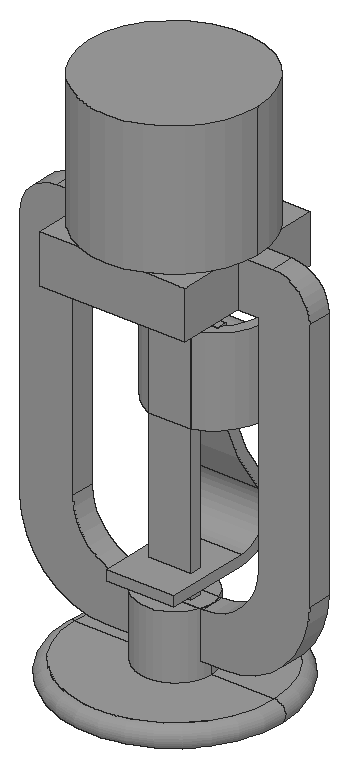
Revit family
Parameters (values of type "RASCO G PENDENT")
  Temperature Rating = 212 °F
  Response = (empty or 0)
  RASCO SIN # = "R1023"
  RASCO Part # = "GP27B"
  Pressure Rating = "175 PSI"
  Pressure Class = (empty or 0)
  Orifice Size = 7/16"
  Orifice = (empty or 0)
  Model = "G"
  Manufacturer = "RASCO"
  K-Factor = 4.24
  Description = "Bronze Finish"
  Coverage = (empty or 0)
Reference planes (in)
  plane 1 "Center (Front/Back)": y = 0
  plane 2: z = 0
  plane 3 "Center (Left/Right)": x = 0
Dimensions and locks (in)
  aligned and locked: plane 2 to level
Nested families (in)
  nested 1: "GP27B" at (-0.0055, 0.01634, 2.875) x (-1, 0, 0) z (0, 0, -1), type "RASCO G PENDENT"
Connectors (in)
  piping at (-0.0055, 0.01634, 2.875)
    settings: on nested 1, index 1, connector radius 0.45", flow factor 0, pipe flow 0 GPM, pressure drop 0.00 psi, fitting loss kfactor 0, connector angle 0.00°, fixture units 0, flow configuration 0, flow direction 0, fitting loss method 0, system type 7, connector reference index -1, connector utility 0, adjustable connector no, is connector primary yes, fitting loss table "", connector description ""
Definition of nested family "GP27B"
  Parameters (values of type "RASCO G PENDENT")
    Type Comments = ""
    Temperature Rating = 0 °F
    Response = (empty or 0)
    Pressure Rating = "0"
    Pressure Class = (empty or 0)
    Orifice Size = 0"
    Orifice = (empty or 0)
    Model = ""
    Manufacturer = ""
    K-Factor = 0
    Description = ""
    Coverage = (empty or 0)
    Assembly Code = ""
  Reference planes (in)
    plane 1 "Center (Front/Back)": y = 0
    plane 2: z = 0
    plane 3 "ref.2": z = 0.6875
    plane 4 "ref.3": z = 0.9375
    plane 5: x = -0.38065
    plane 6: x = 0.36935
    plane 7 "ref. side 1": y = 0.06402
    plane 8 "ref. side 2": y = -0.06098
    plane 9 "ref.4": z = 1.875
    plane 10 "ref.5": z = 2.875
    plane 11 "center": x = -0.00574
  Forms (in)
    Extrusion 1, solid, material "Default"
      sketch origin (0, 0, 0) x (1, 0, 0) y (0, 1, 0)
        loop
          circle (0, 0) r 0.438
      from 0 to 0.6875
    Extrusion 2, solid, material "Default"
      sketch origin (-0.12185, 0.05177, 0.6875) x (1, 0, 0) y (0, 1, 0)
        loop
          line (-0.2588, 0.356) -> (-0.2588, -0.4565) -> (0.4912, -0.4565) -> (0.4912, 0.356) -> (-0.2588, 0.356)
      from 0 to 0.25
    Extrusion 3, solid, material "Default"
      sketch origin (0, 0, 0) x (1, 0, 0) y (0, 0, 1)
        loop
          line (-0.49248, 0.9375) -> (-0.49248, 2.10276)
          arc (-0.49248, 2.10276) -> (-0.40724, 2.30855) -> (-0.20145, 2.39379) r 0.29103
          line (-0.20145, 2.39379) -> (0.18108, 2.39379)
          arc (0.18108, 2.39379) -> (0.38905, 2.30765) -> (0.47519, 2.09969) r 0.29411
          line (0.47519, 2.09969) -> (0.47519, 0.9375) -> (0.36935, 0.9375) -> (0.36935, 0.6875) -> (0.55741, 0.6875)
          arc (0.55741, 0.6875) -> (0.69165, 0.7431) -> (0.74725, 0.87734) r 0.18984
          line (0.74725, 0.87734) -> (0.74725, 2.19113)
          arc (0.74725, 2.19113) -> (0.61669, 2.50631) -> (0.3015, 2.63687) r 0.44574
          line (0.3015, 2.63687) -> (-0.30719, 2.63687)
          arc (-0.30719, 2.63687) -> (-0.62225, 2.50637) -> (-0.75275, 2.19131) r 0.44556
          line (-0.75275, 2.19131) -> (-0.75275, 0.87876)
          arc (-0.75275, 0.87876) -> (-0.69673, 0.74352) -> (-0.56149, 0.6875) r 0.19126
          line (-0.56149, 0.6875) -> (-0.38065, 0.6875) -> (-0.38065, 0.9375) -> (-0.49248, 0.9375)
      from -0.06402 to 0.06098
    Extrusion 4, solid, material "Default"
      sketch origin (-0.00199, 0, 2.4375) x (-1, 0, 0) y (0, -1, 0)
        loop
          circle (0.00574, -0.00152) r 0.1875
      from -0.04371 to 0.4375
    Revolve 5, solid, material "Default"
      sketch origin (-0.0011, 0, 0.30638) x (1, 0, 0) y (0, 0, 1)
        loop
          line (-0.00574, 2.41507) -> (-0.00574, 2.52719) -> (-0.52401, 2.52719)
          arc (-0.52401, 2.52719) -> (-0.58007, 2.47113) -> (-0.52401, 2.41507) r 0.05606
          line (-0.52401, 2.41507) -> (-0.00574, 2.41507)
        axis (-0.00574, 2.41507) -> (-0.00574, 2.52719)
      angle from 0 to 360
    Extrusion 6, solid, material "Default"
      sketch origin (0, 0, 0.9375) x (-1, 0, 0) y (0, -1, 0)
        loop
          line (-0.10175, -0.02852) -> (0.11324, -0.02852) -> (0.11324, 0.03101) -> (-0.10175, 0.03101) -> (-0.10175, -0.02852)
      from 0 to 1.45629
    Extrusion 7, solid, material "Default"
      sketch origin (-0.00574, -0.0095, -0.07537) x (0, 0, -1) y (0, -1, 0)
        loop
          line (-2.39379, 0.21198) -> (-2.39379, -0.229)
          arc (-2.39379, -0.229) -> (-2.26956, -0.41579) -> (-2.04926, -0.37342) r 0.20254
          arc (-2.04926, -0.37342) -> (-1.6599, -0.16721) -> (-1.22163, -0.12207) r 1.15319
          line (-1.22163, -0.12207) -> (-1.22163, -0.07087)
          arc (-1.22163, -0.07087) -> (-1.6782, -0.11947) -> (-2.0834, -0.33544) r 1.20419
          arc (-2.0834, -0.33544) -> (-2.24878, -0.36919) -> (-2.34279, -0.229) r 0.15154
          line (-2.34279, -0.229) -> (-2.34279, 0.21198) -> (-2.39379, 0.21198)
      from -0.17255 to 0.17398
    Extrusion 8, solid, material "Default"
      sketch origin (0, 0, 0) x (1, 0, 0) y (0, 1, 0)
        loop
          arc (0.23993, 0.23051) -> (0.19768, 0.11115) -> (0.10175, 0.02852) r 0.24647
          line (0.10175, 0.02852) -> (-0.11324, 0.02852)
          arc (-0.11324, 0.02852) -> (-0.21767, 0.12447) -> (-0.25194, 0.2621) r 0.24647
          line (-0.25194, 0.2621) -> (-0.25194, 0.40777) -> (-0.30719, 0.40777) -> (-0.30719, 0.25942)
          arc (-0.30719, 0.25942) -> (-0.25653, 0.08328) -> (-0.11324, -0.03101) r 0.30157
          line (-0.11324, -0.03101) -> (0.10175, -0.03101)
          arc (0.10175, -0.03101) -> (0.24461, 0.08262) -> (0.29574, 0.25785) r 0.30157
          line (0.29574, 0.25785) -> (0.29574, 0.40777) -> (0.23993, 0.40777) -> (0.23993, 0.23051)
      from 1.14626 to 1.59756
    Extrusion 9, solid, material "Default"
      sketch origin (-0.00574, -0.0095, -0.07537) x (0, 0, -1) y (0, -1, 0)
        loop
          circle (-1.44728, -0.26892) r 0.13147
      from -0.24568 to 0.24619
  Cuts and joins
    joined: Extrusion 1, Extrusion 2, Revolve 5
  Dimensions and locks (in)
    plane 10 "ref.5" to level = 2.875"
